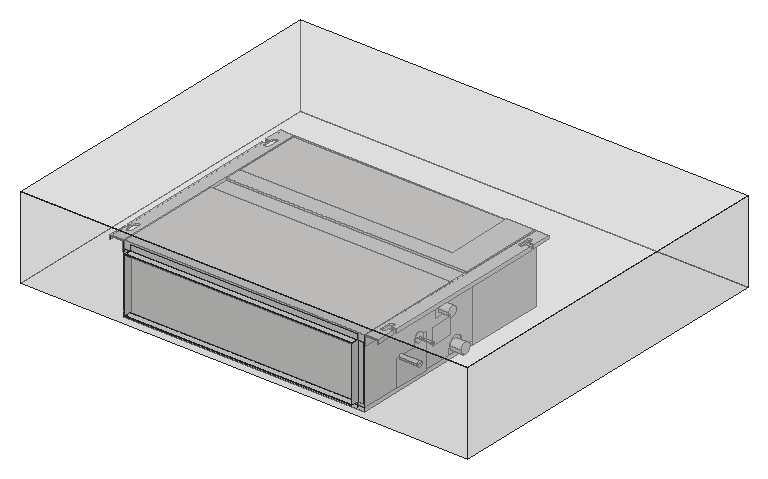
Revit family "outputfile", category 機械設備, Revit 2024
Family settings
  丸型コネクタ寸法 = 半径を使用
  パーツ タイプ = 標準
  OmniClass 番号 = 23.75.10.24.21.27.27
  OmniClass タイトル = Split System Air Conditioning Units
  作業面ベース = いいえ
  常に垂直 = はい
  ロード時にボイドで切り取り = いいえ
  注釈の向きを維持 = いいえ
  共有 = いいえ
  部屋計算ポイント = はい
Parameters (values of type "FXDQ20PDVE")
  Description = ""
  製造元 = "Daikin"
  書き出し IFC クラス(タイプ) = "IfcUnitaryEquipmentType"
  定義済み IFC タイプ(タイプ) = "AIRCONDITIONINGUNIT"
  Cost = 0
  モデル = "FXDQ20PDVE"
  Type Comments = ""
  Keynote = ""
  Type Image = (empty or 0)
  Assembly Code = ""
  w_pipe = 33.0 mm
  r_Liquid Pipe Size = Liquid Pipe Size / 2  # 3.2 mm
  r_Gas Pipe Size = Gas Pipe Size / 2  # 6.35 mm
  r_Drain Pipe Size = Drain Pipe Size / 2  # 10.0 mm
  lw_powersupply = 304.0 mm
  lh_suctionflange [instance] = if(Rear Connection_Return Air, 100.0 mm + [h***], 190.0 mm + [h***])  # 100.0 mm
  ld_suctionflange [instance] = if(Rear Connection_Return Air, 190.0 mm, 100.0 mm)  # 190.0 mm
  ld_powersupply = 60.0 mm
  angle_vertical_RA [instance] = if(Rear Connection_Return Air, 90.00°, 0.00°)  # 90.00°
  angle horizontal_RA [instance] = if(Rear Connection_Return Air, 180.00°, 270.00°)  # 180.00°
  Voltage_comment_60Hz = "220"
  Voltage_comment_50Hz = "220-240"
  Voltage_60Hz = 220 V
  Voltage_50Hz = 220 V
  URL = ""
  Supply Air Direction [instance] = yes
  Sound Power Level_H speed (dB) = 54
  Rear Connection_Return Air [instance] = not(Bottom Connection_Return Air)  # yes
  RA_length = 190.0 mm  # constant formula
  Phase_60Hz = 1
  Phase_50Hz = 1
  Minimum External Static Pressure = 10.00 Pa
  Minimum Circuit Amps_60Hz = 0.9 A
  Minimum Circuit Amps_50Hz = 0.8 A
  Maximum Fuse Amps_60Hz = 16.0 A
  Maximum Fuse Amps_50Hz = 16.0 A
  Maximum External Static Pressure = 30.00 Pa
  Material_Casing = DAIKIN_GalvanizedSteel_Casing_indoorunit
  lw_liquidpipe = 46.0 mm  # constant formula
  lw_gaspipe = 57.0 mm  # constant formula
  lw_mountinghole_pitch = 740.0 mm  # constant formula
  lw_mountinghole = 20.0 mm  # constant formula
  lw_drainpipe = 33.0 mm  # constant formula
  lh_powersupply = 10.0 mm
  lh_liquidpipe = 110.0 mm
  lh_gaspipe = 87.0 mm
  lh_mountinghole = Height + [h***]  # 200.0 mm
  lh_drainpipe = 150.0 mm
  lh_dischargeflange = 99.0 mm
  lh_antena = 1.0 mm  # constant formula
  ld_liquidpipe = 193.0 mm  # constant formula
  ld_gaspipe = 130.0 mm  # constant formula
  ld_mountinghole_pitch = 500.0 mm  # constant formula
  ld_drainpipe = 280.0 mm
  ld_controlbox = 626.0 mm  # constant formula
  h*** = 0.0 mm  # constant formula
  d_dischargeflange = 21.2 mm  # constant formula
  Width = 700.0 mm
  Version = "ver.1.0"
  Unit Type = "Slim Duct (Standard) Type"
  Unit Mass Weight = 23.00 kg
  Unit Designation [instance] = ""
  Uniclass2015Version = "Products v1.30"
  Uniclass2015Title = "Variable refrigerant flow units"
  Uniclass2015Code = "Pr_70_65_03_94"
  Total Heating Capacity [instance] = 0.000 kW
  Total Cooling Capacity [instance] = 0.000 kW
  Sound Pressure Level_M speed (dBA) = 0
  Sound Pressure Level_L speed (dBA) = 23
  Sound Pressure Level_H speed (dBA) = 28
  Series = "VRV Fan Coil Unit"
  Sensible Cooling Capacity [instance] = 0.000 kW
  SA Duct Size Width = 660.0 mm
  SA Duct Size Height = 160.0 mm
  Refrigerant Type = "R410A"
  RA Duct Size Width = 600.0 mm
  RA Duct Size Height = 180.0 mm
  Power Input (Heating) = 0.067 kW
  Power Input (Cooling) = 0.086 kW
  Option Accessory 3 [instance] = ""
  Option Accessory 2 [instance] = ""
  Option Accessory 1 [instance] = ""
  Nominal Heating Capacity = 2.500 kW
  Nominal Cooling Capacity = 2.200 kW
  Minimum Airflow = 384.00 m³/h
  Median Airflow = 432.00 m³/h
  Maximum Airflow = 480.00 m³/h
  Load Classification = HVAC
  Liquid Pipe Size = 6.4 mm
  Link_Nested Family [instance] = ""
  IfcVersion = "0"
  IfcExportType = "AIRCONDITIONINGUNIT"
  IfcExportAs = "IfcUnitaryEquipmentType"
  Height = 200.0 mm
  Heating Entering Wet Bulb Temperature [instance] = 0.00 °C
  Heating Entering Dry Bulb Temperature [instance] = 0.00 °C
  Heating Ambient Wet Bulb Temperature [instance] = 0.00 °C
  Heating Ambient Dry Bulb Temperature [instance] = 0.00 °C
  Heat Exchanger Type = "Cross Fin Coil"
  Gas Pipe Size = 12.7 mm
  Frequency_60Hz = 60 Hz
  Frequency_50Hz = 50 Hz
  Fan Type = "Sirocco Fan"
  Fan Drive = "Direct Drive"
  FCU Tag No. [instance] = ""
  Drain Pipe Size = 20.0 mm
  Design Supply Airflow [instance] = 0.00 m³/h
  Design Return Airflow [instance] = 0.00 m³/h
  Design External Static Pressure [instance] = 0.00 Pa
  Depth = 620.0 mm
  既定の高さ = 0.0 mm
  Cooling Entering Wet Bulb Temperature [instance] = 0.00 °C
  Cooling Entering Dry Bulb Temperature [instance] = 0.00 °C
  Cooling Ambient Wet Bulb Temperature [instance] = 0.00 °C
  Cooling Ambient Dry Bulb Temperature [instance] = 0.00 °C
  Clearance visibility [instance] = yes
  Clearance Top = 20.0 mm
  Clearance Right = 300.0 mm
  Clearance Rear = 400.0 mm
  Clearance Left = 300.0 mm
  Clearance Front = 0.0 mm
  Clearance Bottom = 20.0 mm
  Bottom Connection_Return Air [instance] = no
Reference planes
  plane 1 "Center (Front/Back)": y = 0
  plane 2: z = 0
  plane 3 "Center (Left/Right)": x = 0
  plane 4 "Back": y = 310
  plane 5 "Front": y = -310
  plane 6 "Left": x = -350
  plane 7 "Right": x = 350
  plane 8 "Top": z = 0
  plane 9 "Bottom": z = -200
  plane 10: x = 330
  plane 11: x = -330
  plane 12: z = -190
  plane 13: z = -6
  plane 14: z = -22
  plane 15: z = -90
  plane 16: z = -113
  plane 17: x = -304
  plane 18: x = 304
  plane 19: x = -370
  plane 20: x = 370
  plane 21: y = -250
  plane 22: y = 250
  plane 23: x = -390
  plane 24: x = 390
  plane 25: x = 396
  plane 26: x = 407
  plane 27: x = 383
  plane 28: z = 0
  plane 29: z = -50
  plane 30 "Clearance Left": x = -650
  plane 31 "Clearance Right": x = 650
  plane 32 "Clearance Rear": y = 710
  plane 33 "Clearance Front": y = -310
  plane 34 "Clearance Top": z = 20
  plane 35 "Clearance Bottom": z = -220
  plane 36: z = -21
  plane 37: z = -170
  plane 38: z = -96.5
  plane 39: x = -40
  plane 40: y = -180
  plane 41: y = -117
  plane 42: y = -30
  plane 43: y = 20
  plane 44: z = -97.5
  plane 45: y = -309
  plane 46: x = -349
  plane 47: z = -100
  plane 48: z = -30
  plane 49: y = 210
  plane 50: z = 301
  plane 51: z = -199
  plane 52: y = 120
  plane 53: z = -101
Forms (mm)
  Extrusion 1, solid
    sketch origin (0, 0, 0) x (1, 0, 0) y (0, 0, 1)
      loop
        line (-350, -190) -> (-350, -200) -> (350, -200) -> (350, -190) -> (-350, -190)
    from -84 to 310
  Extrusion 2, solid, material "DAIKIN_GalvanizedSteel_Casing_indoorunit" <- "Material_Casing"
    sketch origin (0, 0, 0) x (1, 0, 0) y (0, 1, 0)
      loop
        line (-350, -309) -> (350, -309) -> (350, 310) -> (-350, 310) -> (-350, -309)
    from -200 to 0
  Extrusion 3, void
    sketch origin (0, 0, 1) x (1, 0, 0) y (0, 1, 0)
      loop
        line (-350, 62.179) -> (-350, 4.179) -> (350, 4.179) -> (350, 62.179) -> (-350, 62.179)
    from -1 to -7
  Extrusion 4, void
    sketch origin (0, 0, 0) x (0, 1, 0) y (0, 0, 1)
      loop
        line (-5, -190) -> (45, -190) -> (45, -170)
        arc (45, -170) -> (20, -145) -> (-5, -170) r 25
        line (-5, -170) -> (-5, -190)
    from 350 to 345
  Revolve 5, solid, material "DAIKIN_GalvanizedSteel_Casing_indoorunit" <- "Material_Casing"
    sketch origin (0, 0, -113) x (0, -1, 0) y (1, 0, 0)
      loop
        line (173.65, 351) -> (180, 351) -> (180, 407) -> (173.65, 407) -> (173.65, 351)
      axis (180, 351) -> (180, 407)
    angle from 0 to 360
  Revolve 6, solid, material "DAIKIN_GalvanizedSteel_Casing_indoorunit" <- "Material_Casing"
    sketch origin (0, 0, -90) x (0, -1, 0) y (1, 0, 0)
      loop
        line (117, 351) -> (117, 396) -> (113.8, 396) -> (113.8, 351) -> (117, 351)
      axis (117, 396) -> (117, 351)
    angle from 0 to 360
  Extrusion 7, solid, material "DAIKIN_GalvanizedSteel_Casing_indoorunit" <- "Material_Casing"
    sketch origin (0, 0, 0) x (0, 1, 0) y (0, 0, 1)
      loop
        circle (-116, -90) r 12.7
    from 350 to 355.007
  Extrusion 8, solid, material "DAIKIN_GalvanizedSteel_Casing_indoorunit" <- "Material_Casing"
    sketch origin (0, 0, 0) x (0, 1, 0) y (0, 0, 1)
      loop
        circle (20, -170) r 15
    from 345 to 380
  Extrusion 9, solid, material "DAIKIN_GalvanizedSteel_Casing_indoorunit" <- "Material_Casing"
    sketch origin (0, 0, 0) x (0, 1, 0) y (0, 0, 1)
      loop
        line (-52, -30) -> (-52, -70) -> (-11, -70) -> (-11, -30) -> (-52, -30)
    from 350 to 351
  Extrusion 10, solid, material "DAIKIN_GalvanizedSteel_Casing_indoorunit" <- "Material_Casing"
    sketch origin (0, 0, 0) x (0, 1, 0) y (0, 0, 1)
      loop
        circle (-30, -50.064) r 13
    from 350 to 383
  Extrusion 11, solid, material "DAIKIN_GalvanizedSteel_Casing_indoorunit" <- "Material_Casing"
    sketch origin (0, 0, 0) x (0, 1, 0) y (0, 0, 1)
      loop
        line (-63.609, -90) -> (-63.609, -136) -> (0.391, -136) -> (0.391, -90) -> (-63.609, -90)
    from 350 to 351
  Extrusion 12, solid, material "DAIKIN_GalvanizedSteel_Casing_indoorunit" <- "Material_Casing"
    sketch origin (0, 0, 0) x (1, 0, 0) y (0, 0, 1)
      loop
        line (-350, -190) -> (-350, -200) -> (350, -200) -> (350, -190) -> (-350, -190)
    from -84 to 310
  Extrusion 13, solid, material "DAIKIN_GalvanizedSteel_Casing_indoorunit" <- "Material_Casing", visible <- "Bottom Connection_Return Air"
    sketch origin (0, 0, 0) x (1, 0, 0) y (0, 0, 1)
      loop
        line (269, -199) -> (269, -1) -> (-349, -1) -> (-349, -199) -> (269, -199)
    from -310 to -309
  Extrusion 14, void
    sketch origin (0, 0, 0) x (1, 0, 0) y (0, 0, 1)
      loop
        line (269, 0) -> (-349, 0) -> (-349, -1) -> (269, -1) -> (269, 0)
    from -310 to -111
  Extrusion 15, solid, material "DAIKIN_GalvanizedSteel_Casing_indoorunit" <- "Material_Casing", visible <- "Rear Connection_Return Air"
    sketch origin (0, 0, 0) x (1, 0, 0) y (0, 1, 0)
      loop
        line (-349, 309) -> (-349, 111) -> (269, 111) -> (269, 309) -> (-349, 309)
    from -200 to -199
  Extrusion 16, solid, material "DAIKIN_GalvanizedSteel_Casing_indoorunit" <- "Material_Casing"
    sketch origin (0, 0, 0) x (0, 1, 0) y (0, 0, 1)
      loop
        line (-194, -113) -> (-194, -190) -> (-88.3, -190) -> (-88.3, -90) -> (-103.3, -90)
        arc (-103.3, -90) -> (-116, -102.7) -> (-128.7, -90) r 12.7
        line (-128.7, -90) -> (-128.7, -113) -> (-173.65, -113)
        arc (-173.65, -113) -> (-180, -119.35) -> (-186.35, -113) r 6.35
        line (-186.35, -113) -> (-194, -113)
    from 351 to 350
  Extrusion 17, solid, material "DAIKIN_GalvanizedSteel_Casing_indoorunit" <- "Material_Casing"
    sketch origin (0, 0, 0) x (0, 1, 0) y (0, 0, 1)
      loop
        line (84, -199) -> (310, -199) -> (310, -22) -> (91, -22) -> (84, -29) -> (84, -199)
    from 351 to 350
Cuts and joins
  Extrusion 3, Extrusion 4, Extrusion 14 cuts Extrusion 2
  Extrusion 4 cuts Extrusion 1
  Extrusion 14 cuts Extrusion 12
Dimensions and locks
  "lh_powersupply": plane 12 to plane 9 "Bottom"
  locked: plane 8 "Top" to plane 13 at 6
  "Height": plane 8 "Top" to plane 9 "Bottom"
  equal spacing: plane 17, plane 3 "Center (Left/Right)", plane 18, locked at 304 each
  locked: plane 17 to plane 18 at 608
  equal spacing: plane 19, plane 3 "Center (Left/Right)", plane 20, locked at 370 each
  "lw_mountinghole_pitch": plane 19 to plane 20
  locked: plane 14 to plane 9 "Bottom" at 178
  "lw_mountinghole": plane 23 to plane 19
  "lh_liquidpipe": plane 15 to plane 9 "Bottom"
  "lh_gaspipe": plane 16 to plane 9 "Bottom"
  "lh_mountinghole": plane 28 to plane 9 "Bottom"
  "ld_mountinghole_pitch": plane 22 to plane 21
  equal spacing: plane 6 "Left", plane 3 "Center (Left/Right)", plane 7 "Right", locked at 350 each
  "Width": plane 6 "Left" to plane 7 "Right"
  "lh_drainpipe": plane 29 to plane 9 "Bottom"
  "Clearance Right": plane 7 "Right" to plane 31 "Clearance Right"
  "Clearance Left": plane 30 "Clearance Left" to plane 6 "Left"
  "lw_gaspipe": plane 7 "Right" to plane 26
  "lw_liquidpipe": plane 7 "Right" to plane 25
  "lw_drainpipe": plane 7 "Right" to plane 27
  "Clearance Rear": plane 32 "Clearance Rear" to plane 4 "Back"
  "Clearance Front": plane 5 "Front" to plane 33 "Clearance Front"
  "Clearance Top": plane 34 "Clearance Top" to plane 8 "Top"
  "Clearance Bottom": plane 9 "Bottom" to plane 35 "Clearance Bottom"
  "ld_powersupply": plane 4 "Back" to plane 22
  "lw_powersupply": plane 3 "Center (Left/Right)" to plane 18
  locked: plane 8 "Top" to plane 36 at 21
  locked: plane 8 "Top" to plane 37 at 170
  locked: plane 40 to plane 41 at 63
  locked: plane 38 to plane 9 "Bottom" at 103.5
  locked: plane 36 to plane 44 at 76.5
  "Depth": plane 4 "Back" to plane 5 "Front"
  equal spacing: plane 4 "Back", plane 1 "Center (Front/Back)", plane 5 "Front"
  locked: plane 45 to plane 5 "Front" at 1
  locked: plane 46 to plane 6 "Left" at 1
  Extrusion 13 sketch curve to Extrusion 13 sketch curve = 198.0 mm
  locked: nested 13 to plane 39 at 300
  locked: plane 12 to plane 47 at 90
  plane 32 "Clearance Rear" to Extrusion 13 = 401.0 mm
  locked: plane 48 to plane 35 "Clearance Bottom" at 190
  locked: plane 49 to nested 14 at 90
  plane 50 to plane 28 = 301.0 mm
  locked: plane 51 to plane 9 "Bottom" at 1
  "ld_suctionflange": plane 4 "Back" to plane 52
  locked: plane 53 to plane 9 "Bottom" at 99
  aligned and locked: level to plane 2
  aligned and locked: Extrusion 2 to plane 9 "Bottom"
  aligned and locked: plane 8 "Top" to Extrusion 2
  aligned and locked: Revolve 5 sketch curve to Revolve 5 sketch curve
  aligned and locked: plane 15 to Extrusion 7 sketch curve
  aligned and locked: cut or joined group of Extrusion 1, Extrusion 4 to plane 9 "Bottom"
  aligned and locked: plane 24 to nested 1
  aligned and locked: nested 1 to plane 23
  aligned and locked: plane 27 to Extrusion 10
  aligned and locked: plane 25 to nested 6
  aligned and locked: nested 6 to plane 15
  aligned and locked: nested 2 to plane 22
  aligned and locked: plane 20 to nested 2
  aligned and locked: plane 20 to nested 3
  aligned and locked: plane 19 to nested 4
  aligned and locked: plane 22 to nested 5
  aligned and locked: nested 5 to plane 22
  aligned and locked: plane 19 to nested 5
  aligned and locked: nested 8 to plane 29
  aligned and locked: Extrusion 10 to nested 8
  aligned and locked: plane 27 to nested 8
  aligned and locked: plane 22 to nested 12
  aligned and locked: plane 18 to nested 12  (x2)
  aligned and locked: nested 12 to plane 18
  aligned and locked: plane 4 "Back" to nested 12
  aligned and locked: cut or joined group of Extrusion 2, Extrusion 3, Extrusion 4, Extrusion 14 to nested 12
  aligned and locked: nested 12 to plane 12
  aligned and locked: plane 8 "Top" to nested 1
  aligned and locked: Extrusion 12 to plane 5 "Front"
  aligned and locked: Extrusion 12 to plane 9 "Bottom"
  aligned and locked: nested 7 to plane 16
  aligned and locked: plane 4 "Back" to nested 1
  aligned and locked: nested 9 to plane 45
  aligned and locked: plane 40 to nested 7
  aligned and locked: plane 41 to nested 6
  aligned and locked: plane 42 to nested 8
  aligned and locked: Extrusion 8 sketch curve to plane 43
  aligned and locked: nested 13 to plane 46
  aligned and locked: plane 4 "Back" to Extrusion 14
  aligned and locked: nested 14 to Extrusion 15
  aligned and locked: nested 15 to plane 49
  aligned and locked: plane 8 "Top" to Extrusion 3
  aligned and locked: Extrusion 13 to cut or joined group of Extrusion 2, Extrusion 3, Extrusion 4, Extrusion 14
  aligned and locked: Extrusion 13 to nested 13
  aligned and locked: plane 9 "Bottom" to Extrusion 15  (x2)
  aligned and locked: plane 9 "Bottom" to nested 15
  aligned and locked: Extrusion 15 to plane 51
  aligned and locked: plane 4 "Back" to nested 13
  aligned and locked: Extrusion 14 to level
  aligned and locked: plane 32 "Clearance Rear" to nested 16
  aligned and locked: plane 31 "Clearance Right" to nested 16
  aligned and locked: plane 30 "Clearance Left" to nested 16
  aligned and locked: nested 16 to plane 33 "Clearance Front"
  aligned and locked: nested 16 to plane 34 "Clearance Top"
  aligned and locked: nested 16 to plane 35 "Clearance Bottom"
  aligned and locked: plane 7 "Right" to Extrusion 16
  aligned and locked: plane 4 "Back" to Extrusion 17
  aligned and locked: Extrusion 17 to plane 51
  aligned and locked: plane 7 "Right" to Extrusion 17
  aligned and locked: Extrusion 16 to Revolve 5 sketch curve
  aligned and locked: Extrusion 3 to plane 13
  aligned and locked: plane 52 to nested 17
  aligned and locked: plane 53 to nested 9
  aligned and locked: Extrusion 14 to nested 14
  aligned and locked: nested 11 to plane 36
  aligned and locked: level to plane 8 "Top"
Automatic sketch dimensions
  Extrusion 1 sketch curve to plane 6 "Left" = 0.0 mm
  Extrusion 1 sketch curve to plane 7 "Right" = 0.0 mm
  Extrusion 1 sketch curve to plane 9 "Bottom" = 0.0 mm
  Extrusion 1 sketch curve to plane 12 = 0.0 mm
  Extrusion 2 sketch curve to plane 4 "Back" = 0.0 mm
  Extrusion 2 sketch curve to plane 6 "Left" = 0.0 mm
  Extrusion 2 sketch curve to plane 7 "Right" = 0.0 mm
  Extrusion 2 sketch curve to plane 45 = 0.0 mm
  Extrusion 3 sketch curve to plane 6 "Left" = 0.0 mm
  Extrusion 3 sketch curve to plane 7 "Right" = 0.0 mm
  Extrusion 3 sketch curve to plane 1 "Center (Front/Back)" = 4.179 mm
  plane 43 to Extrusion 3 sketch curve = 42.179 mm
  Extrusion 4 sketch curve to plane 37 = 0.0 mm
  Extrusion 4 sketch curve to plane 12 = 0.0 mm
  Extrusion 4 sketch curve to plane 43 = 0.0 mm
  plane 1 "Center (Front/Back)" to Extrusion 4 sketch curve = 5.0 mm
  Revolve 6 sketch curve to plane 25 = 0.0 mm  (x2)
  Revolve 6 sketch curve to plane 41 = 0.0 mm  (x2)
  plane 41 to Revolve 6 sketch curve = 3.2 mm
  plane 7 "Right" to Revolve 6 sketch curve = 1.0 mm
  Revolve 6 sketch curve to Revolve 6 sketch curve = 0.0 mm
  plane 41 to Extrusion 7 sketch curve = 1.0 mm
  Extrusion 8 sketch curve to plane 37 = 0.0 mm
  Extrusion 9 sketch curve to plane 42 = 22.0 mm
  plane 1 "Center (Front/Back)" to Extrusion 9 sketch curve = 11.0 mm
  plane 15 to Extrusion 9 sketch curve = 20.0 mm
  Extrusion 9 sketch curve to plane 14 = 8.0 mm
  Extrusion 10 sketch curve to plane 42 = 0.0 mm
  Extrusion 10 sketch curve to plane 29 = 0.064 mm
  plane 15 to Extrusion 11 sketch curve = 0.0 mm
  Extrusion 11 sketch curve to plane 42 = 33.609 mm
  Extrusion 11 sketch curve to plane 1 "Center (Front/Back)" = 0.391 mm
  Extrusion 11 sketch curve to plane 16 = 23.0 mm
  Extrusion 12 sketch curve to plane 6 "Left" = 0.0 mm
  Extrusion 12 sketch curve to plane 7 "Right" = 0.0 mm
  Extrusion 12 sketch curve to plane 9 "Bottom" = 0.0 mm
  Extrusion 12 sketch curve to plane 12 = 0.0 mm
  plane 46 to Extrusion 13 sketch curve = 0.0 mm
  Extrusion 13 sketch curve to plane 18 = 35.0 mm
  plane 46 to Extrusion 14 sketch curve = 0.0 mm
  Extrusion 14 sketch curve to plane 18 = 35.0 mm
  Extrusion 14 sketch curve to plane 8 "Top" = 1.0 mm
  Extrusion 15 sketch curve to plane 46 = 0.0 mm
  Extrusion 15 sketch curve to plane 4 "Back" = 1.0 mm
  Extrusion 15 sketch curve to plane 18 = 35.0 mm
  plane 43 to Extrusion 15 sketch curve = 91.0 mm
  plane 35 "Clearance Bottom" to Extrusion 14 sketch curve = 220.0 mm
  Extrusion 13 sketch curve to plane 51 = 0.0 mm
  Extrusion 16 sketch curve to plane 12 = 0.0 mm
  Extrusion 16 sketch curve to plane 16 = 0.0 mm
  Extrusion 16 sketch curve to plane 40 = 0.0 mm
  Extrusion 16 sketch curve to plane 15 = 0.0 mm
  Extrusion 16 sketch curve to Extrusion 16 sketch curve = 6.35 mm
  Extrusion 16 sketch curve to Extrusion 16 sketch curve = 7.65 mm
  Extrusion 16 sketch curve to plane 41 = 11.7 mm
  plane 41 to Extrusion 16 sketch curve = 1.0 mm
  Extrusion 16 sketch curve to Extrusion 16 sketch curve = 27.7 mm
  Extrusion 17 sketch curve to plane 51 = 0.0 mm
  Extrusion 17 sketch curve to plane 14 = 0.0 mm
  plane 48 to Extrusion 17 sketch curve = 1.0 mm
  plane 43 to Extrusion 17 sketch curve = 64.0 mm
  Extrusion 17 sketch curve to Extrusion 17 sketch curve = 7.0 mm
  Extrusion 17 sketch curve to plane 4 "Back" = 0.0 mm
  Revolve 5 sketch curve to plane 26 = 0.0 mm
  Revolve 5 sketch curve to plane 40 = 0.0 mm
  plane 40 to Revolve 5 sketch curve = 6.35 mm
  Revolve 5 sketch curve to Revolve 5 sketch curve = 1.003 mm  (x2)
  radius of Extrusion 7 sketch curve = 12.7 mm
  radius of Extrusion 8 sketch curve = 15.0 mm
  radius of Extrusion 10 sketch curve = 13.0 mm
Nested families
  nested 1: "daikin_hangerfixture_FXDQ-PDVE" at (0, 0.5, 0), type "daikin_hangerfixture_FXDQ-PDVE"
  nested 2: "daikin_mountinghole" at (370, 250, -200), l_antenna <- "lh_antena", Link_Nested Family <- "Link_Nested Family", h_mountinghole <- "lh_mountinghole", type "daikin_mountinghole"
    with show yes, l_antenna 1.0 mm, h_mountinghole 200.0 mm, Link_Nested Family ""
  nested 3: "daikin_mountinghole" at (370, -250, -200), Link_Nested Family <- "Link_Nested Family", l_antenna <- "lh_antena", h_mountinghole <- "lh_mountinghole", type "daikin_mountinghole"
    with show yes, l_antenna 1.0 mm, h_mountinghole 200.0 mm, Link_Nested Family ""
  nested 4: "daikin_mountinghole" at (-370, -250, -200), l_antenna <- "lh_antena", Link_Nested Family <- "Link_Nested Family", h_mountinghole <- "lh_mountinghole", type "daikin_mountinghole"
    with show yes, l_antenna 1.0 mm, h_mountinghole 200.0 mm, Link_Nested Family ""
  nested 5: "daikin_mountinghole" at (-370, 250, -200), l_antenna <- "lh_antena", Link_Nested Family <- "Link_Nested Family", h_mountinghole <- "lh_mountinghole", type "daikin_mountinghole"
    with show yes, l_antenna 1.0 mm, h_mountinghole 200.0 mm, Link_Nested Family ""
  nested 6: "daikin_connector_rotate2" at (350, -117, -90) x (0, 1, 0) z (0, 0, 1), length <- "lw_liquidpipe", built-in parameter 1001364 <- "lh_liquidpipe", radius <- "r_Liquid Pipe Size", type "daikin_connector_rotate2"
    with radius 3.2 mm, length 46.0 mm, angle_vertical 90.00°, show_face no
  nested 7: "daikin_connector_rotate2" at (350, -180, -113) x (0, 1, 0) z (0, 0, 1), length <- "lw_gaspipe", built-in parameter 1001364 <- "lh_gaspipe", radius <- "r_Gas Pipe Size", type "daikin_connector_rotate2"
    with radius 6.35 mm, length 57.0 mm, angle_vertical 90.00°, show_face no
  nested 8: "daikin_connector_rotate2" at (350, -30, -50) x (0, 1, 0) z (0, 0, 1), built-in parameter 1001364 <- "lh_drainpipe", length <- "lw_drainpipe", radius <- "r_Drain Pipe Size", type "daikin_connector_rotate2"
    with radius 10.0 mm, length 33.0 mm, angle_vertical 90.00°, show_face no
  nested 9: "daikin_connector_rotate2" at (0, -309, -101), length <- "d_dischargeflange", built-in parameter 1001364 <- "lh_dischargeflange", type "daikin_connector_rotate2"
    with radius 10.0 mm, length 21.2 mm, angle_vertical 90.00°, show_face no
  nested 10: "daikin_△_symbolicline" at (-76.446, -102.452, 200) x (-0.5, 0.866, 0) z (0, 0, 1), built-in parameter 1001364 <- "Height", visible <- "Supply Air Direction", type "daikin_△_symbolicline"
    with length 300.0 mm
  nested 11: "daikin_ductflange_FXDQ-PDVE" at (0, 4.5, -371.201), material <- "Material_Casing", type "daikin_ductflange_FXDQ-PDVE"
    with width 660.0 mm, material DAIKIN_GalvanizedSteel_Casing_indoorunit, height 162.0 mm, depth 21.2 mm
  nested 12: "daikin_connector_rotate2" at (304, 250, -190) x (-1, 0, 0) z (0, 0, 1), built-in parameter 1001364 <- "lh_powersupply", length <- "ld_powersupply", type "daikin_connector_rotate2"
    with radius 10.0 mm, length 60.0 mm, angle_vertical 90.00°, show_face no
  nested 13: "daikin_ductflange_FXDQ-PDVE2" at (-40, 310, -100), visible <- "Rear Connection_Return Air", material <- "Material_Casing", type "daikin_ductflange_FXDQ-PDVE2"
    with width 620.0 mm, material DAIKIN_GalvanizedSteel_Casing_indoorunit, height 180.0 mm, depth 21.2 mm
  nested 14: "daikin_ductflange_FXDQ-PDVE2" at (-40, 210, -200) x (1, 0, 0) z (0, 1, 0), visible <- "Bottom Connection_Return Air", material <- "Material_Casing", type "daikin_ductflange_FXDQ-PDVE2"
    with width 620.0 mm, material DAIKIN_GalvanizedSteel_Casing_indoorunit, height 180.0 mm, depth 21.2 mm
  nested 15: "daikin_connector_rotate2" at (-40, 210, -178.8) x (1, 0, 0) z (0, 1, 0), length <- "d_dischargeflange", built-in parameter 1001364 <- "lh_dischargeflange", type "daikin_connector_rotate2"
    with radius 10.0 mm, length 21.2 mm, angle_vertical 90.00°, show_face no
  nested 16: "daikin_clearancespace" at (0, 200, -99.881), visible <- "Clearance visibility", show <- "Clearance visibility", Link_Nested Family <- "Link_Nested Family", type "daikin_clearancespace"
    with width 1300.0 mm, show yes, height 240.0 mm, depth 1020.0 mm, Link_Nested Family ""
  nested 17: "daikin_connector_rotate3" at (-40, 120, -100), built-in parameter 1001364 <- "lh_suctionflange", angle_vertical <- "angle_vertical_RA", angle_horizontal <- "angle horizontal_RA", length <- "RA_length", type "daikin_connector_rotate3"
    with show no, radius 10.0 mm, length 190.0 mm, angle_vertical 90.00°, angle_horizontal 180.00°
Connectors
  piping at (407, -180, -113), diameter 12.7, driven by "r_Gas Pipe Size"
    settings: on nested 7, index 1, connector inside diameter 609.6 mm, connector length 0.0 mm, flow factor 0, pipe flow 0.00 m³/h, pressure drop 0.0 Pa, fitting loss kfactor 0, connector angle 0.00°, fixture units 0, engagement length 0.0 mm, angle of deflection 0.00°, flow configuration 1, flow direction 2, fitting loss method 0, system type 29, joint type 0, gender type 0, connector reference index -1, connector utility 0, adjustable connector no, is connector primary yes, connector description "Refrigerant Gas Piping"
  piping at (396, -117, -90), diameter 6.4, driven by "r_Liquid Pipe Size"
    settings: on nested 6, index 2, connector inside diameter 609.6 mm, connector length 0.0 mm, flow factor 0, pipe flow 0.00 m³/h, pressure drop 0.0 Pa, fitting loss kfactor 0, connector angle 0.00°, fixture units 0, engagement length 0.0 mm, angle of deflection 0.00°, flow configuration 1, flow direction 1, fitting loss method 0, system type 29, joint type 0, gender type 0, connector reference index -1, connector utility 0, adjustable connector no, is connector primary no, connector description "Refrigerant Liquid Piping"
  piping at (383, -30, -50), diameter 20, driven by "r_Drain Pipe Size"
    settings: on nested 8, index 3, connector inside diameter 609.6 mm, connector length 0.0 mm, flow factor 0, pipe flow 0.00 m³/h, pressure drop 0.0 Pa, fitting loss kfactor 0, connector angle 0.00°, fixture units 0, engagement length 0.0 mm, angle of deflection 0.00°, flow configuration 1, flow direction 2, fitting loss method 4, system type 16, joint type 0, gender type 0, connector reference index -1, connector utility 0, adjustable connector no, is connector primary no, connector description "Condensate Drain Piping"
  hvac at (0, -330.2, -101), driven by "SA Duct Size Height", driven by "SA Duct Size Width"
    settings: on nested 9, index 7, duct flow 0.00 m³/h, flow factor 0, pres drop 0.00 Pa, loss coef 0, conn angle 0.00°, conn width 660.0 mm, conn height 160.0 mm, conn diameter 609.6 mm, duct sys type 1, conn prof type 1, flow config 0, flow direction 2, loss method 4, conn ref index -1, conn util no, is conn primary yes, conn desc "SA Duct"
  electrical at (304, 310, -190), driven by "Load Classification"
    settings: on nested 12, index 9, voltage 0 V, apparent load 0 VA, apparent load phase1 0 VA, apparent load phase2 0 VA, apparent load phase3 0 VA, power factor 1, load classification "HVAC", number of poles 1, system type 30, power factor state 1, is connector primary yes, connector utility no, sub classification motor no, connector description "Power Supply"
  hvac at (-40, 310, -100), driven by "RA Duct Size Height", driven by "RA Duct Size Width"
    settings: on nested 17, index 10, duct flow 0.00 m³/h, flow factor 0, pres drop 0.00 Pa, loss coef 0, conn angle 0.00°, conn width 600.0 mm, conn height 180.0 mm, conn diameter 609.6 mm, duct sys type 2, conn prof type 1, flow config 0, flow direction 1, loss method 4, conn ref index -1, conn util no, is conn primary no, conn desc "RA Duct"
Definition of nested family "daikin_hangerfixture_FXDQ-PDVE"
  Parameters (values of type "daikin_hangerfixture_FXDQ-PDVE")
    width = 48.0 mm
    material = none
    height = 65.0 mm
    depth = 619.0 mm
    Default Elevation = 0.0 mm
  Reference planes
    plane 1 "Center (Front/Back)": y = 0
    plane 2: z = 0
    plane 3 "Center (Left/Right)": x = 0
    plane 4: x = 350
    plane 5: y = 309.5
    plane 6: y = -309.5
  Forms (mm)
    Extrusion 1, solid, material <- "material"
      sketch origin (0, 0, 0) x (1, 0, 0) y (0, 0, 1)
        loop
          line (350, 0) -> (350, -30) -> (352.3, -30) -> (352.3, -2.3) -> (387.7, -2.3) -> (387.7, -10) -> (390, -10) -> (390, 0) -> (350, 0)
      from -309.5 to 309.5
    Extrusion 2, void
      sketch origin (0, 0, 0) x (0, 1, 0) y (0, 0, 1)
        loop
          line (309.5, -30) -> (309.5, -17.979) -> (87.935, -17.979) -> (75.914, -30) -> (309.5, -30)
      from 0 to 618
    Extrusion 3, void
      sketch origin (0, 0, 0) x (1, 0, 0) y (0, 1, 0)
        loop
          line (390, -244) -> (377, -244) -> (377, -237.5)
          arc (377, -237.5) -> (370, -230.5) -> (363, -237.5) r 7
          line (363, -237.5) -> (363, -263.5)
          arc (363, -263.5) -> (370, -270.5) -> (377, -263.5) r 7
          line (377, -263.5) -> (377, -257) -> (390, -257) -> (390, -244)
        loop
          line (390, 243) -> (390, 256) -> (377, 256) -> (377, 262.5)
          arc (377, 262.5) -> (370, 269.5) -> (363, 262.5) r 7
          line (363, 262.5) -> (363, 236.5)
          arc (363, 236.5) -> (370, 229.5) -> (377, 236.5) r 7
          line (377, 236.5) -> (377, 243) -> (390, 243)
      from -254.96 to 618
    Extrusion 4, solid, material <- "material"
      sketch origin (0, 0, 0) x (-1, 0, 0) y (0, 0, -1)
        loop
          line (350, 0) -> (390, 0) -> (390, 10) -> (387.7, 10) -> (387.7, 2.3) -> (352.3, 2.3) -> (352.3, 30) -> (350, 30) -> (350, 0)
      from -309.5 to 309.5
    Extrusion 5, void
      sketch origin (0, 0, 0) x (-1, 0, 0) y (0, -1, 0)
        loop
          line (390, 244) -> (390, 257) -> (377, 257) -> (377, 263.5)
          arc (377, 263.5) -> (370, 270.5) -> (363, 263.5) r 7
          line (363, 263.5) -> (363, 237.5)
          arc (363, 237.5) -> (370, 230.5) -> (377, 237.5) r 7
          line (377, 237.5) -> (377, 244) -> (390, 244)
        loop
          line (390, -243) -> (377, -243) -> (377, -236.5)
          arc (377, -236.5) -> (370, -229.5) -> (363, -236.5) r 7
          line (363, -236.5) -> (363, -262.5)
          arc (363, -262.5) -> (370, -269.5) -> (377, -262.5) r 7
          line (377, -262.5) -> (377, -256) -> (390, -256) -> (390, -243)
      from -254.96 to 618
  Cuts and joins
    Extrusion 2, Extrusion 3, Extrusion 5 cuts Extrusion 1
    Extrusion 5 cuts Extrusion 4
  Dimensions and locks
    locked: plane 4 to plane 3 "Center (Left/Right)" at 350
    equal spacing: plane 5, plane 1 "Center (Front/Back)", plane 6
    "depth": plane 5 to plane 6
    locked: plane 3 "Center (Left/Right)" to plane 4 at 350
    plane 6 to plane 1 "Center (Front/Back)" to plane 5 = 309.5 mm, 309.5 mm
    aligned and locked: level to plane 2
    aligned and locked: plane 5 to Extrusion 1
    aligned and locked: Extrusion 1 to plane 6
    aligned and locked: Extrusion 1 to plane 4
    aligned and locked: plane 5 to cut or joined group of Extrusion 1, Extrusion 2, Extrusion 3, Extrusion 5
    aligned and locked: cut or joined group of Extrusion 1, Extrusion 2, Extrusion 3, Extrusion 5 to plane 6
    aligned and locked: level to cut or joined group of Extrusion 1, Extrusion 2, Extrusion 3, Extrusion 5
    aligned and locked: plane 5 to cut or joined group of Extrusion 4, Extrusion 5
    aligned and locked: cut or joined group of Extrusion 4, Extrusion 5 to plane 6
  Automatic sketch dimensions
    Extrusion 1 sketch curve to plane 4 = 0.0 mm
    Extrusion 1 sketch curve to level = 0.0 mm
    plane 4 to Extrusion 1 sketch curve = 2.3 mm
    Extrusion 1 sketch curve to level = 2.3 mm
    Extrusion 1 sketch curve to Extrusion 1 sketch curve = 35.4 mm
    Extrusion 1 sketch curve to Extrusion 1 sketch curve = 2.3 mm
    Extrusion 1 sketch curve to Extrusion 1 sketch curve = 7.7 mm
    Extrusion 1 sketch curve to Extrusion 1 sketch curve = 27.7 mm
    Extrusion 2 sketch curve to plane 5 = 0.0 mm
    Extrusion 2 sketch curve to level = 17.979 mm
    Extrusion 2 sketch curve to plane 1 "Center (Front/Back)" = 87.935 mm
    Extrusion 2 sketch curve to level = 30.0 mm
    Extrusion 2 sketch curve to Extrusion 2 sketch curve = 12.021 mm
    plane 4 to Extrusion 3 sketch curve = 13.0 mm  (x2)
    Extrusion 3 sketch curve to Extrusion 3 sketch curve = 7.0 mm  (x4)
    Extrusion 3 sketch curve to Extrusion 3 sketch curve = 13.0 mm  (x4)
    plane 6 to Extrusion 3 sketch curve = 46.0 mm
    Extrusion 3 sketch curve to Extrusion 3 sketch curve = 6.5 mm  (x4)
    Extrusion 3 sketch curve to plane 5 = 73.0 mm
    Extrusion 4 sketch curve to level = 0.0 mm
    Extrusion 4 sketch curve to level = 30.0 mm
    Extrusion 4 sketch curve to plane 3 "Center (Left/Right)" = 350.0 mm
    Extrusion 4 sketch curve to Extrusion 4 sketch curve = 2.3 mm  (x2)
    Extrusion 4 sketch curve to level = 2.3 mm
    Extrusion 4 sketch curve to Extrusion 4 sketch curve = 35.4 mm
    Extrusion 4 sketch curve to Extrusion 4 sketch curve = 7.7 mm
    Extrusion 5 sketch curve to plane 5 = 73.0 mm
    Extrusion 5 sketch curve to plane 3 "Center (Left/Right)" = 363.0 mm  (x2)
    plane 6 to Extrusion 5 sketch curve = 72.0 mm
    Extrusion 5 sketch curve to Extrusion 5 sketch curve = 7.0 mm  (x4)
    Extrusion 5 sketch curve to Extrusion 5 sketch curve = 13.0 mm  (x4)
    Extrusion 5 sketch curve to Extrusion 5 sketch curve = 6.5 mm  (x4)
Definition of nested family "daikin_ductflange_FXDQ-PDVE"
  Parameters (values of type "daikin_ductflange_FXDQ-PDVE")
    width [instance] = 660.0 mm
    material [instance] = none
    height [instance] = 162.0 mm
    depth [instance] = 21.2 mm
    Default Elevation = 0.0 mm
  Reference planes
    plane 1 "Center (Front/Back)": y = 0
    plane 2: z = 189.201
    plane 3 "Center (Left/Right)": x = 0
    plane 4: y = -313.5
    plane 5: x = -330
    plane 6: x = 330
    plane 7: y = -334.7
    plane 8: z = 351.201
    plane 9: z = 270.201
    plane 10: z = 350.201
    plane 11: z = 190.201
  Forms (mm)
    Extrusion 1, solid, material <- "material"
      sketch origin (0, 0, 189.201) x (1, 0, 0) y (0, 1, 0)
        loop
          line (-330, -334.7) -> (-330, -313.5) -> (-348, -313.5) -> (-348, -314.5) -> (-331, -314.5) -> (-331, -334.7) -> (-330, -334.7)
        loop
          line (330, -334.7) -> (331, -334.7) -> (331, -314.5) -> (348, -314.5) -> (348, -313.5) -> (330, -313.5) -> (330, -334.7)
      from 1 to 161
    Extrusion 2, solid, material <- "material"
      sketch origin (0, 0, 0) x (0, 1, 0) y (0, 0, 1)
        loop
          line (-313.5, 350.201) -> (-313.5, 365.201) -> (-314.5, 365.201) -> (-314.5, 351.201) -> (-334.7, 351.201) -> (-334.7, 350.201) -> (-313.5, 350.201)
        loop
          line (-313.5, 190.201) -> (-334.7, 190.201) -> (-334.7, 189.201) -> (-314.5, 189.201) -> (-314.5, 175.201) -> (-313.5, 175.201) -> (-313.5, 190.201)
      from -330 to 330
  Dimensions and locks
    plane 4 to plane 1 "Center (Front/Back)" = 313.5 mm
    "depth": plane 7 to plane 4
    equal spacing: plane 8, plane 9, level, locked at 81 each
    "height": plane 8 to level
    equal spacing: plane 6, plane 3 "Center (Left/Right)", plane 5, locked at 330 each
    "width": plane 6 to plane 5
    plane 5 to plane 6 = 660.0 mm
    locked: Extrusion 1 sketch curve to Extrusion 1 sketch curve at 660
    locked: plane 8 to plane 10 at 1
    locked: plane 11 to level at 1
    locked: Extrusion 1 to Extrusion 2 sketch curve at 1
    locked: Extrusion 2 sketch curve to Extrusion 1 at 1
    locked: Extrusion 1 sketch curve to Extrusion 1 sketch curve at 1  (x2)
    aligned and locked: level to plane 2
    aligned and locked: plane 4 to Extrusion 1  (x2)
    aligned and locked: plane 5 to Extrusion 1
    aligned and locked: Extrusion 1 to plane 7  (x2)
    aligned and locked: Extrusion 1 to plane 6
    aligned and locked: Extrusion 1 to plane 10
    aligned and locked: Extrusion 1 to plane 11
    aligned and locked: plane 10 to Extrusion 1
    aligned and locked: plane 11 to Extrusion 1
    aligned and locked: Extrusion 2 to plane 5
    aligned and locked: plane 5 to Extrusion 2
    aligned and locked: plane 6 to Extrusion 2
    aligned and locked: Extrusion 2 to plane 6
    aligned and locked: Extrusion 2 to plane 11
    aligned and locked: Extrusion 2 to plane 10
  Automatic sketch dimensions
    Extrusion 1 sketch curve to plane 4 = 0.0 mm  (x2)
    Extrusion 1 sketch curve to plane 7 = 0.0 mm  (x2)
    Extrusion 1 sketch curve to plane 5 = 0.0 mm
    Extrusion 1 sketch curve to plane 5 = 1.0 mm
    Extrusion 1 sketch curve to Extrusion 1 sketch curve = 17.0 mm  (x2)
    plane 6 to Extrusion 1 sketch curve = 1.0 mm
    Extrusion 2 sketch curve to plane 7 = 0.0 mm  (x2)
    Extrusion 2 sketch curve to plane 4 = 0.0 mm  (x2)
    Extrusion 2 sketch curve to plane 11 = 0.0 mm
    Extrusion 2 sketch curve to plane 10 = 0.0 mm
    Extrusion 2 sketch curve to plane 4 = 1.0 mm  (x2)
    Extrusion 2 sketch curve to level = 14.0 mm
    plane 8 to Extrusion 2 sketch curve = 14.0 mm
Definition of nested family "daikin_ductflange_FXDQ-PDVE2"
  Parameters (values of type "daikin_ductflange_FXDQ-PDVE2")
    width [instance] = 620.0 mm
    material [instance] = none
    height [instance] = 180.0 mm
    depth [instance] = 21.2 mm
    Default Elevation = 0.0 mm
  Reference planes
    plane 1 "Center (Front/Back)": y = 0
    plane 2: z = 0
    plane 3 "Center (Left/Right)": x = 0
    plane 4: y = -313.5
    plane 5: y = -334.7
    plane 6: x = -310
    plane 7: x = 310
    plane 8: z = 90
    plane 9: z = -90
    plane 10: z = 100
    plane 11: z = -100
    plane 12: x = -309
    plane 13: x = 309
  Forms (mm)
    Extrusion 1, solid, material <- "material"
      sketch origin (0, 0, 0) x (1, 0, 0) y (0, 0, 1)
        loop
          line (-300, 90) -> (-300, -90) -> (300, -90) -> (300, 90) -> (-300, 90)
        loop
          line (-309, -99) -> (309, -99) -> (309, 99) -> (-309, 99) -> (-309, -99)
      from 0 to 1
  Dimensions and locks
    plane 4 to plane 1 "Center (Front/Back)" = 313.5 mm
    "depth": plane 5 to plane 4
    equal spacing: plane 7, plane 3 "Center (Left/Right)", plane 6, locked at 310 each
    "width": plane 7 to plane 6
    equal spacing: plane 8, level, plane 9, locked at 90 each
    "height": plane 8 to plane 9
    equal spacing: plane 10, level, plane 11, locked at 100 each
    locked: plane 10 to plane 11 at 200
    plane 12 to plane 6 = 1.0 mm
    locked: plane 7 to plane 13 at 1
    locked: Extrusion 1 sketch curve to Extrusion 1 sketch curve at 9  (x4)
    locked: plane 10 to Extrusion 1 sketch curve at 1
    locked: Extrusion 1 sketch curve to plane 11 at 1
    aligned and locked: level to plane 2
  Automatic sketch dimensions
    plane 6 to Extrusion 1 sketch curve = 1.0 mm
    Extrusion 1 sketch curve to plane 7 = 1.0 mm
Definition of nested family "daikin_clearancespace"
  Parameters (values of type "daikin_clearancespace")
    width [instance] = 1823.963 mm
    show [instance] = yes
    material = none
    height [instance] = 1359.762 mm
    depth [instance] = 880.0 mm
    Default Elevation = 0.0 mm
    Link_Nested Family [instance] = ""
  Reference planes
    plane 1 "Center (Front/Back)": y = 0
    plane 2 "Center (Elevation)": z = -0.119
    plane 3 "Center (Left/Right)": x = 0
    plane 4: y = 440
    plane 5: y = -440
    plane 6 "Right": x = 911.982
    plane 7 "Left": x = -911.982
    plane 8 "Top": z = 679.762
    plane 9 "Bottom": z = -680
  Forms (mm)
    Extrusion 1, solid, material <- "material", visible <- "show"
      sketch origin (0, 0, 0) x (1, 0, 0) y (0, 1, 0)
        loop
          line (-911.982, 440) -> (-911.982, -440) -> (911.982, -440) -> (911.982, 440) -> (-911.982, 440)
      from -680 to 679.762
  Lines and regions (mm)
    symbolic lines, visible <- "show"
      curve 1: line (911.982, 440, 0) -> (-911.982, 440, 0)
      curve 2: line (-911.982, 440, 0) -> (-911.982, -440, 0)
      curve 3: line (-911.982, -440, 0) -> (911.982, -440, 0)
      curve 4: line (911.982, -440, 0) -> (911.982, 440, 0)
      curve 5: line (911.982, 0, 679.762) -> (-911.982, 0, 679.762)
      curve 6: line (911.982, 0, -680) -> (911.982, 0, 679.762)
      curve 7: line (-911.982, 0, -680) -> (911.982, 0, -680)
      curve 8: line (-911.982, 0, 679.762) -> (-911.982, 0, -680)
      curve 9: line (0, 440, 679.762) -> (0, -440, 679.762)
      curve 10: line (0, -440, 679.762) -> (0, -440, -680)
      curve 11: line (0, 440, -680) -> (0, 440, 679.762)
      curve 12: line (0, -440, -680) -> (0, 440, -680)
  Dimensions and locks
    "width": plane 7 "Left" to plane 6 "Right"
    "depth": plane 4 to plane 5
    "height": plane 8 "Top" to plane 9 "Bottom"
    equal spacing: plane 7 "Left", plane 3 "Center (Left/Right)", plane 6 "Right"
    equal spacing: plane 4, plane 1 "Center (Front/Back)", plane 5
    equal spacing: plane 8 "Top", plane 2 "Center (Elevation)", plane 9 "Bottom"
    aligned and locked: level to plane 2 "Center (Elevation)"
    aligned and locked: Extrusion 1 sketch curve to plane 4
    aligned and locked: plane 7 "Left" to Extrusion 1 sketch curve
    aligned and locked: Extrusion 1 sketch curve to plane 5
    aligned and locked: Extrusion 1 sketch curve to plane 6 "Right"
    aligned and locked: plane 8 "Top" to Extrusion 1
    aligned and locked: curve 1 to Extrusion 1
    aligned and locked: curve 2 to Extrusion 1
    aligned and locked: curve 3 to Extrusion 1
    aligned and locked: curve 4 to Extrusion 1
    aligned and locked: curve 5 to Extrusion 1
    aligned and locked: curve 6 to Extrusion 1
    aligned and locked: curve 7 to Extrusion 1
    aligned and locked: curve 8 to Extrusion 1
    aligned and locked: curve 9 to Extrusion 1
    aligned and locked: curve 10 to Extrusion 1
    aligned and locked: curve 11 to Extrusion 1
    aligned and locked: curve 12 to Extrusion 1
    aligned and locked: Extrusion 1 to plane 9 "Bottom"
Definition of nested family "daikin_mountinghole"
  Parameters (values of type "daikin_mountinghole")
    Default Elevation = 1219.2 mm
    Type Comments = "mountinghole"
    show [instance] = yes
    material = none
    l_centerline = 100.0 mm
    l_antenna [instance] = 100.0 mm
    h_mountinghole [instance] = 0.0 mm
    d_circle = 30.0 mm
    Link_Nested Family [instance] = ""
  Reference planes
    plane 1 "Center (Front/Back)": y = 0
    plane 2: z = 0
    plane 3 "Center (Left/Right)": x = 0
    plane 4: y = 50
    plane 5: x = -50
    plane 6: x = 50
    plane 7: y = -50
    plane 8 "h_mountinghole": z = 0
    plane 9: z = 100
  Lines and regions (mm)
    model lines, detail levels fine
      curve 1: circle (0, 0, 0) r 15 normal (0, 0, 1)
      curve 2: line (-50, 0, 0) -> (50, 0, 0)
      curve 3: line (0, 50, 0) -> (0, -50, 0)
    symbolic lines, detail levels fine
      curve 4: circle (0, 0, 0) r 15 normal (0, 0, 1)
      curve 5: line (-50, 0, 0) -> (50, 0, 0)
      curve 6: line (0, 50, 0) -> (0, -50, 0)
    model lines
      curve 7: line (0, 0, 100) -> (0, 0, 0)
  Dimensions and locks
    equal spacing: plane 4, plane 1 "Center (Front/Back)", plane 7
    "l_centerline": plane 4 to plane 7
    equal spacing: plane 5, plane 3 "Center (Left/Right)", plane 6
    "l_centerline": plane 5 to plane 6
    "l_antenna": plane 9 to plane 8 "h_mountinghole"
    "h_mountinghole": plane 8 "h_mountinghole" to plane 2
    "d_circle": diameter of curve 1
    "d_circle": diameter of curve 4
    aligned and locked: level to plane 2
    aligned and locked: plane 1 "Center (Front/Back)" to curve 1
    aligned and locked: plane 3 "Center (Left/Right)" to curve 1
    aligned and locked: plane 1 "Center (Front/Back)" to curve 2
    aligned and locked: curve 3 to plane 3 "Center (Left/Right)"
    aligned and locked: plane 6 to curve 2
    aligned and locked: plane 5 to curve 2
    aligned and locked: plane 4 to curve 3
    aligned and locked: plane 7 to curve 3
    aligned and locked: plane 1 "Center (Front/Back)" to curve 4
    aligned and locked: plane 3 "Center (Left/Right)" to curve 4
    aligned and locked: plane 6 to curve 5
    aligned and locked: plane 5 to curve 5
    aligned and locked: plane 1 "Center (Front/Back)" to curve 5
    aligned and locked: plane 4 to curve 6
    aligned and locked: plane 7 to curve 6
    aligned and locked: curve 6 to plane 3 "Center (Left/Right)"
    aligned and locked: curve 7 to plane 3 "Center (Left/Right)"
    aligned and locked: plane 9 to curve 7
    aligned and locked: plane 8 "h_mountinghole" to curve 7
Definition of nested family "daikin_connector_rotate2"
  Parameters (values of type "daikin_connector_rotate2")
    show_face = yes
    radius [instance] = 10.0 mm
    length [instance] = 600.0 mm
    d_surface = 10.0 mm
    angle_vertical [instance] = 90.00°
    Default Elevation = 0.0 mm
  Reference planes
    plane 1 "Center (Front/Back)": y = 0
    plane 2: z = 0
    plane 3 "Center (Left/Right)": x = 0
  Forms (mm)
    Extrusion 1, solid, visible <- "show_face"
      sketch origin (0, -600, 0) x (1, 0, 0) y (0, 0, 1)
        loop
          circle (0, 0) r 10
      from 0 to -10
  Lines and regions (mm)
    reference lines
      curve 1: line (0, 0, 0) -> (0, -600, 0)
    symbolic lines
      curve 2: circle (0, 0, 0) r 5 normal (0, 0, 1)
    model lines, visible <- "show_face"
      curve 3: line (0, 0, 0) -> (0, -600, 0)
  Dimensions and locks
    "length": curve 1 to curve 1
    "length": curve 3 to curve 3
    "d_surface": Extrusion 1 to Extrusion 1
    "radius": radius of Extrusion 1 sketch curve
    "angle_vertical": angle curve 1 to plane 1 "Center (Front/Back)"
    "angle_vertical": angle curve 3 to plane 1 "Center (Front/Back)"
    aligned and locked: level to plane 2
    aligned and locked: plane 1 "Center (Front/Back)" to curve 1
    aligned and locked: plane 2 to curve 1
    aligned and locked: plane 1 "Center (Front/Back)" to curve 2
    aligned and locked: plane 3 "Center (Left/Right)" to curve 2
    aligned and locked: plane 1 "Center (Front/Back)" to curve 3
    aligned and locked: plane 2 to curve 3
    aligned and locked: Extrusion 1 to Extrusion 1
  Automatic sketch dimensions
    Extrusion 1 sketch curve to level = 0.0 mm
    Extrusion 1 sketch curve to plane 3 "Center (Left/Right)" = 0.0 mm
    radius of curve 2 = 5.0 mm
Definition of nested family "daikin_△_symbolicline"
  Parameters (values of type "daikin_△_symbolicline")
    length [instance] = 500.0 mm
    Default Elevation = 0.0 mm
  Reference planes
    plane 1 "Center (Front/Back)": y = 0
    plane 2: z = 0
    plane 3 "Center (Left/Right)": x = 0
  Lines and regions (mm)
    symbolic lines
      curve 1: line (0, -433.013, 0) -> (250, 0, 0)
      curve 2: line (250, 0, 0) -> (-250, 0, 0)
      curve 3: line (-250, 0, 0) -> (0, -433.013, 0)
  Dimensions and locks
    equal spacing: curve 3, plane 3 "Center (Left/Right)", curve 2
    "length": curve 3 to curve 2
    "length": curve 3 to curve 3
    "length": curve 1 to curve 1
    aligned and locked: level to plane 2
    aligned and locked: curve 2 to plane 1 "Center (Front/Back)"
    aligned and locked: plane 3 "Center (Left/Right)" to curve 3
Definition of nested family "daikin_connector_rotate3"
  Parameters (values of type "daikin_connector_rotate3")
    Default Elevation = 1219.2 mm
    show [instance] = yes
    radius [instance] = 10.0 mm
    length [instance] = 600.0 mm
    angle_horizontal [instance] = 60.00°
    angle_vertical [instance] = 90.00°
  Reference planes
    plane 1 "Center (Front/Back)": y = 0
    plane 2: z = 0
    plane 3 "Center (Left/Right)": x = 0
  Dimensions and locks
    "angle_horizontal": angle plane 3 "Center (Left/Right)" to nested 1
    aligned and locked: level to plane 2
    aligned and locked: plane 1 "Center (Front/Back)" to nested 1  (x2)
    aligned and locked: plane 3 "Center (Left/Right)" to nested 1
  Nested families
    nested 1: "daikin_connector_rotate2" at (0, 0, 0) x (0.5, 0.866, 0) z (0, 0, 1), angle_vertical <- "angle_vertical", length <- "length", radius <- "radius", type "daikin_connector_rotate2"
      with radius 10.0 mm, length 600.0 mm, angle_vertical 90.00°
  Definition of nested family "daikin_connector_rotate2"
    Parameters (values of type "daikin_connector_rotate2")
      show_face = yes
      radius [instance] = 10.0 mm
      length [instance] = 600.0 mm
      d_surface = 10.0 mm
      angle_vertical [instance] = 90.00°
      Default Elevation = 0.0 mm
    Reference planes
      plane 1 "Center (Front/Back)": y = 0
      plane 2: z = 0
      plane 3 "Center (Left/Right)": x = 0
    Forms (mm)
      Extrusion 1, solid, visible <- "show_face"
        sketch origin (0, -600, 0) x (1, 0, 0) y (0, 0, 1)
          loop
            circle (0, 0) r 10
        from 0 to -10
    Lines and regions (mm)
      reference lines
        curve 1: line (0, 0, 0) -> (0, -600, 0)
      symbolic lines
        curve 2: circle (0, 0, 0) r 5 normal (0, 0, 1)
      model lines, visible <- "show_face"
        curve 3: line (0, 0, 0) -> (0, -600, 0)
    Dimensions and locks
      "length": curve 1 to curve 1
      "length": curve 3 to curve 3
      "d_surface": Extrusion 1 to Extrusion 1
      "radius": radius of Extrusion 1 sketch curve
      "angle_vertical": angle curve 1 to plane 1 "Center (Front/Back)"
      "angle_vertical": angle curve 3 to plane 1 "Center (Front/Back)"
      aligned and locked: level to plane 2
      aligned and locked: plane 1 "Center (Front/Back)" to curve 1
      aligned and locked: plane 2 to curve 1
      aligned and locked: plane 1 "Center (Front/Back)" to curve 2
      aligned and locked: plane 3 "Center (Left/Right)" to curve 2
      aligned and locked: plane 1 "Center (Front/Back)" to curve 3
      aligned and locked: plane 2 to curve 3
      aligned and locked: Extrusion 1 to Extrusion 1
    Automatic sketch dimensions
      Extrusion 1 sketch curve to level = 0.0 mm
      Extrusion 1 sketch curve to plane 3 "Center (Left/Right)" = 0.0 mm
      radius of curve 2 = 5.0 mm
